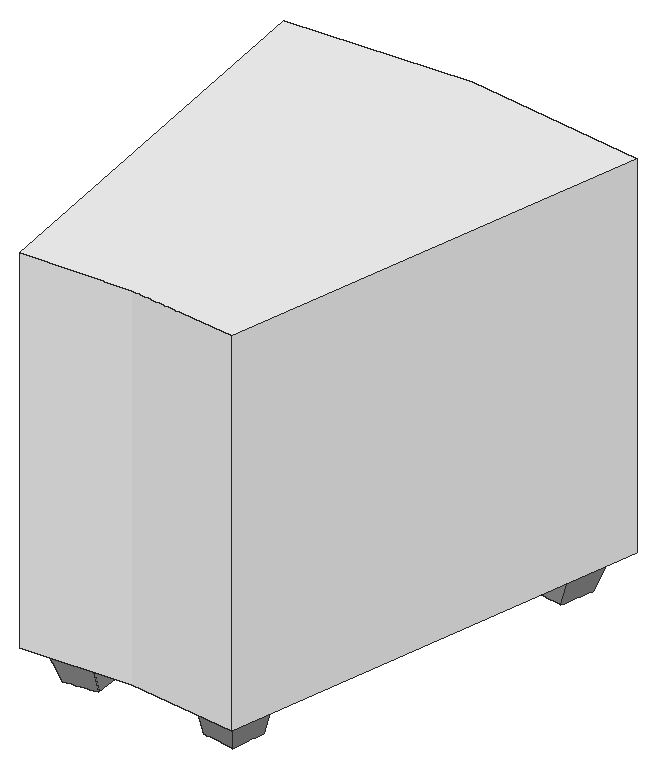
Revit family "Cocoon Divider", category Furniture, Revit 2018
Family settings
  OmniClass Number = 23.40.20.00
  OmniClass Title = General Furniture and Specialties
  Work Plane-Based = No
  Always vertical = Yes
  Cut with Voids When Loaded = No
  Shared = No
  Room Calculation Point = No
Parameters
  Surface = Cocoon Divider
Reference planes (in)
  plane 1 "Center Front/Back": y = 0
  plane 2: z = 0
  plane 3 "Center Left/Right": x = 0
Forms (in)
  SweptBlend 1, solid, material "Cocoon Divider Legs"
    path origin (0, 0, 0) x (1, 0, 0) y (0, 0, 1)
      loop
        line (-4.15094, 0) -> (-4.15094, 2)
    profile origin (-4.15094, 0, 0) x (-1, 0, 0) y (0, -1, 0)
      loop
        line (-0.93091, 6.70724) -> (0.93091, 6.92924) -> (0.7089, 8.79105) -> (-1.15291, 8.56904) -> (-0.93091, 6.70724)
    end profile origin (-4.15094, 0, 2) x (-1, 0, 0) y (0, -1, 0)
      loop
        line (1.55151, 7.00325) -> (1.2555, 9.48566) -> (-1.22691, 9.18965) -> (-0.93091, 6.70723) -> (1.55151, 7.00325)
  SweptBlend 2, solid, material "Cocoon Divider Legs"
    path origin (-0.0489, 0.00078, 0) x (-1, 0, 0) y (0, 0, -1)
      loop
        line (-4.19984, 0) -> (-4.19984, -2)
    profile origin (4.15093, 0, 0) x (-1, 0, 0) y (0, -1, 0)
      loop
        line (0.97981, 6.70645) -> (1.20181, 8.56826) -> (-0.65999, 8.79027) -> (-0.882, 6.92846) -> (0.97981, 6.70645)
    end profile origin (4.15093, 0, 2) x (-1, 0, 0) y (0, -1, 0)
      loop
        line (-1.50261, 7.00246) -> (0.97981, 6.70645) -> (1.27582, 9.18887) -> (-1.2066, 9.48488) -> (-1.50261, 7.00246)
  SweptBlend 3, solid, material "Cocoon Divider Legs"
    path origin (1.23496, 5.12388, 0) x (-0.959512, 0.281669, 0) y (0, 0, 1)
      loop
        line (-0.53003, 0) -> (-0.53003, 2)
    profile origin (1.62049, 4.55546, 0) x (0.959512, -0.281669, 0) y (0.281669, 0.959512, 0)
      loop
        line (2.69, 7.14405) -> (4.55181, 7.36606) -> (4.3298, 9.22786) -> (2.468, 9.00586) -> (2.69, 7.14405)
    end profile origin (1.62049, 4.55546, 2) x (0.959512, -0.281669, 0) y (0.281669, 0.959512, 0)
      loop
        line (5.17242, 7.44006) -> (4.87641, 9.92247) -> (2.39399, 9.62646) -> (2.69, 7.14405) -> (5.17242, 7.44006)
  SweptBlend 4, solid, material "Cocoon Divider Legs"
    path origin (-1.28385, 5.12312, 0) x (0.959511, 0.281672, 0) y (0, 0, -1)
      loop
        line (-0.48289, 0) -> (-0.48289, -2)
    profile origin (-1.62047, 4.55548, 0) x (0.959511, 0.281672, 0) y (-0.281672, 0.959511, 0)
      loop
        line (-2.73714, 7.15707) -> (-2.51514, 9.01888) -> (-4.37695, 9.24089) -> (-4.59896, 7.37908) -> (-2.73714, 7.15707)
    end profile origin (-1.62047, 4.55548, 2) x (0.959511, 0.281672, 0) y (-0.281672, 0.959511, 0)
      loop
        line (-5.21956, 7.45308) -> (-2.73714, 7.15707) -> (-2.44114, 9.63949) -> (-4.92355, 9.9355) -> (-5.21956, 7.45308)
  Extrusion 5, solid, material "Cocoon Divider" <- "Surface"
    sketch origin (0, 0, 0) x (1, 0, 0) y (0, 1, 0)
      loop
        line (-10.00736, 13.3169) -> (-6.01748, -10.34913)
        arc (-6.01748, -10.34913) -> (-0.02253, -9.90394) -> (5.97241, -10.34913) r 40.58657
        line (5.97241, -10.34913) -> (9.96229, 13.3169)
        arc (9.96229, 13.3169) -> (-0.02253, 14.1509) -> (-10.00736, 13.3169) r 60.18742
    from 2 to 22
Dimensions and locks (in)
  aligned and locked: level to plane 2
